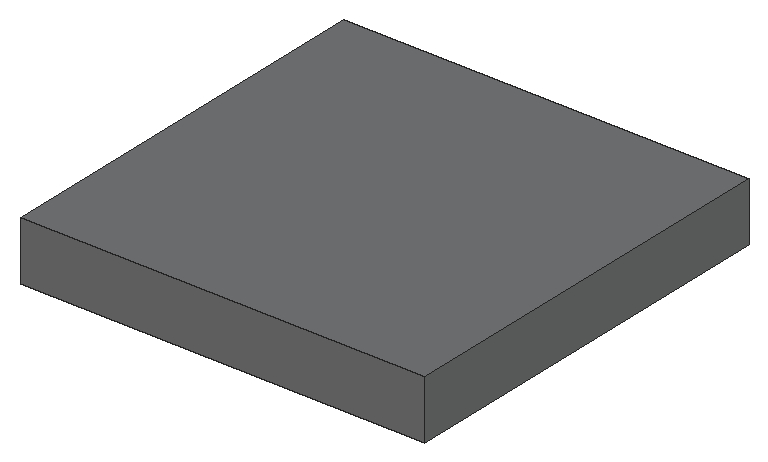
Revit family "Gira_536003", category Electrical Fixtures, host Face, Revit 2017
Family settings
  Host = Face
  Maintain Annotation Orientation = No
  Round Connector Dimension = Use Diameter
  Part Type = Normal
  Cut with Voids When Loaded = No
  Shared = No
  Room Calculation Point = No
Parameters (values of type "S3000 Bedienaufs. System 55 Reinweiß")
  Werkstoffgüte = "sonstige"
  Werkstoff = "sonstige"
  URL = "http://katalog.gira.de/de_DE/datenblatt.html?artikelnr=536003"
  Transparent = "No"
  Region = "DE"
  RAL-Nummer (ähnlich) = "9010 "
  Oberfläche = "sonstige"
  Name = "S3000 Bedienaufs. System 55 Reinweiß"
  Mit LED-Anzeige = "No"
  Mit Abdeckung = "Yes"
  Manufacturer URL = "https://www.gira.de/"
  Keynote = "Sys55_Abdeckung_Schalten und Tasten"
  HeinzeBIM = "https://bimportal.heinze.de/bim/s3000-bedienaufs-system-55-reinweiss/f022fe541311a86727d69f2116d000c4fe646f6a"
  Halogenfrei = "Yes"
  HAN = "536003"
  Geeignet für Schalteinsatz = "No"
  Geeignet für Jalousieeinsatz = "Yes"
  Geeignet für Dimmeinsatz = "No"
  GTIN = "4010337027218"
  Farbe = "weiß"
  Default Elevation = 1219.2 mm
  Data sheet (1) = "https://katalog.gira.de/de_DE/download.html?artikelnr=536003"
  Category = "Bedienelement intelligent"
  Available = "Yes"
  Ausführung der Oberfläche = "glänzend"
  Anzahl der Tasten = "1 "
  Anzahl der Betätigungspunkte = "2 "
  Anwendung = "Steuern elektrischer Verbraucher"
  Anthrazit [instance] = Anthrazit
Reference planes
  plane 1 "Center (Front/Back)": y = 0
  plane 2: z = 0
  plane 3 "Center (Left/Right)": x = 0
Forms (mm)
  Extrusion 1, solid, material "Anthrazit" <- "Anthrazit", detail levels fine
    sketch origin (0, 0, 0) x (1, 0, 0) y (0, 1, 0)
      loop
        line (-27.5, 27.5) -> (-27.5, -27.5) -> (27.5, -27.5) -> (27.5, 27.5) -> (-27.5, 27.5)
    from 0 to 8
  Extrusion 2, void
    sketch origin (0, 0, 0) x (1, 0, 0) y (0, 1, 0)
      loop
        line (26, 26) -> (-26, 26) -> (-26, -26) -> (26, -26) -> (26, 26)
    from 0 to 6
  Extrusion 3, solid, material "Anthrazit" <- "Anthrazit", detail levels medium
    sketch origin (0, 0, 0) x (1, 0, 0) y (0, 1, 0)
      loop
        line (-27.5, 27.5) -> (-27.5, -27.5) -> (27.5, -27.5) -> (27.5, 27.5) -> (-27.5, 27.5)
    from 0 to 8
  Extrusion 4, solid, material "Anthrazit" <- "Anthrazit", detail levels medium
    sketch origin (0, 0, 0) x (1, 0, 0) y (0, 1, 0)
      loop
        line (11, -17.5) -> (11, 17.5) -> (-11, 17.5) -> (-11, -17.5) -> (11, -17.5)
    from -6 to 6
  Extrusion 5, solid, material "Anthrazit" <- "Anthrazit", detail levels fine
    sketch origin (0, 0, 0) x (1, 0, 0) y (0, 1, 0)
      loop
        line (11, 17.5) -> (-11, 17.5) -> (-11, 16.5) -> (11, 16.5) -> (11, 17.5)
      loop
        line (-11, -16.5) -> (-11, -17.5) -> (11, -17.5) -> (11, -16.5) -> (-11, -16.5)
    from -4 to 6
  Extrusion 6, solid, material "Anthrazit" <- "Anthrazit", detail levels fine
    sketch origin (0, 0, 0) x (1, 0, 0) y (0, 1, 0)
      loop
        arc (5, 9.347) -> (0, 10.6) -> (-5, 9.347) r 10.6
        line (-5, 9.347) -> (-5, -9.347)
        arc (-5, -9.347) -> (0, -10.6) -> (5, -9.347) r 10.6
        line (5, -9.347) -> (5, 9.347)
    from -6 to 6
  Extrusion 7, solid, material "Anthrazit" <- "Anthrazit", detail levels coarse
    sketch origin (0, 0, 0) x (1, 0, 0) y (0, 1, 0)
      loop
        line (-27.5, 27.5) -> (-27.5, -27.5) -> (27.5, -27.5) -> (27.5, 27.5) -> (-27.5, 27.5)
    from -6 to 8
Cuts and joins
  Extrusion 2 cuts Extrusion 1
Dimensions and locks
  aligned and locked: plane 2 to host face
  aligned and locked: level to host face
